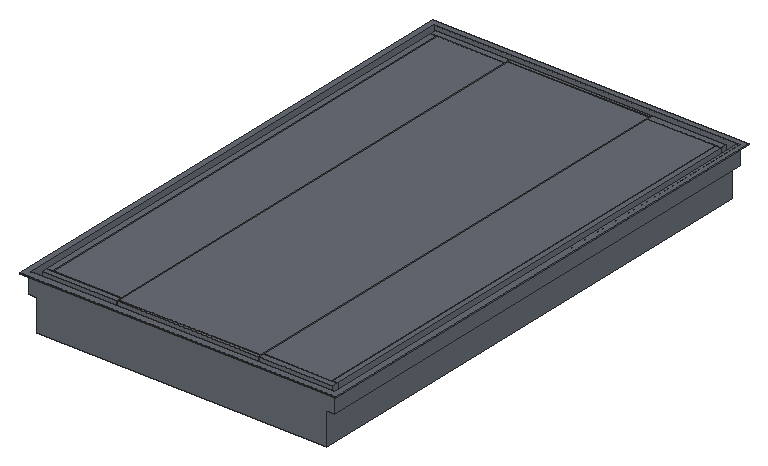
Revit family
Parameters (values of type "PL07 12 6/6")
  Width Right Side = 168 mm
  Width Left Side = 168 mm
  Width Inner Right Side = Actual Width Right - 11 mm  # 157 mm
  Width Inner Main = Actual Width + 37 mm * 2  # 349 mm
  Width Inner Left Side = Actual Width Left - 11 mm  # 157 mm
  Width = 275 mm
  URL = "http://www.meinertz.com/pictures_org/prodk.pdf"
  Thermal Performance Index = 12
  Thermal Performance Constant = if(Thermal Performance Index = 3, 145, if(Thermal Performance Index = 4, 191, if(Thermal Performance Index = 5, 231, if(Thermal Performance Index = 6, 262, if(Thermal Performance Index = 7, 287, if(Thermal Performance Index = 8, 317, if(Thermal Performance Index = 9, 339, if(Thermal Performance Index = 10, 359, if(Thermal Performance Index = 11, 382, if(Thermal Performance Index = 12, 404, if(Thermal Performance Index = 13, 424, 444)))))))))))  # 404
  Thermal Performance = Thermal Performance Constant * Length / 1000 mm  # 404
  Side Support Distance = (Actual Length - (2 * Frame Offset) - 200 mm) / (Count Side Support - 1)  # 376 mm
  Side Grill Length = Actual Length - (2 * Frame Offset) - 22 mm  # 930 mm
  Right Tap Visible = Count Grill Main > 3  # yes
  Model = "PL07 12 6/6"
  Manufacturer = "Meinertz"  # constant formula
  Length = 1000 mm
  Keynote = "PL07 12 6/6"
  Grill = RAL 7024 G
  GoGetNo = 6943  # constant formula
  Frame Offset = 24 mm  # constant formula
  Frame = RAL 7024
  Count Side Support = (Actual Length - (2 * Frame Offset) - 200 mm) / 600 mm + 1.49  # 3
  Count Grill Right Side = ((Width Right Side - Frame Offset) / 24 mm)  # 6
  Count Grill Main = ((Width - 11 mm) / 24 mm) + 1  # 12
  Count Grill Left Side = ((Width Left Side - Frame Offset) / 24 mm)  # 6
  Count Convec Support = (Actual Length - (2 * Frame Offset) - 300 mm) / 2500 mm + 1.49  # 2
  Convection Grill Length = Actual Length - (2 * Frame Offset) - 11 mm  # 941 mm
  Convec Support Distance = (Actual Length - (2 * Frame Offset) - 300 mm) / (Count Convec Support - 1)  # 652 mm
  Actual Width Right = Count Grill Right Side * 24 mm + Frame Offset  # 168 mm
  Actual Width Left = Count Grill Left Side * 24 mm + Frame Offset  # 168 mm
  Actual Width = (Count Grill Main - 1) * 24 mm + 11 mm  # 275 mm
  Actual Length = if(Length < 4 * Frame Offset, 4 * Frame Offset, if(Length > 6000 mm, 6000 mm, Length))  # 1000 mm
Types (8, lengths in mm): name | Width Right Side | Width Left Side | Width Inner Right Side | Width Inner Main | Width Inner Left Side | Width | Thermal Performance Index | Thermal Performance Constant | Thermal Performance | Model | Keynote | Count Grill Right Side | Count Grill Main | Count Grill Left Side | Actual Width Right | Actual Width Left | Actual Width
  (no name) | 168 | 168 | 157 | 349 | 157 | 275 | 12 | 404 | 404 | "PL07 12 6/6" | "PL07 12 6/6" | 6 | 12 | 6 | 168 | 168 | 275
  PL07 08 5/3 | 144 | 96 | 133 | 253 | 85 | 179 | 8 | 317 | 317 | "PL07 08 5/3" | "PL07 08 5/3" | 5 | 8 | 3 | 144 | 96 | 179
  PL07 09 5/4 | 144 | 120 | 133 | 277 | 109 | 203 | 9 | 339 | 339 | "PL07 09 5/4" | "PL07 09 5/4" | 5 | 9 | 4 | 144 | 120 | 203
  PL07 10 5/5 | 144 | 144 | 133 | 301 | 133 | 227 | 10 | 359 | 359 | "PL07 10 5/5" | "PL07 10 5/5" | 5 | 10 | 5 | 144 | 144 | 227
  PL07 11 6/5 | 168 | 144 | 157 | 325 | 133 | 251 | 11 | 382 | 382 | "PL07 11 6/5" | "PL07 11 6/5" | 6 | 11 | 5 | 168 | 144 | 251
  PL07 12 6/6 | 168 | 168 | 157 | 349 | 157 | 275 | 12 | 404 | 404 | "PL07 12 6/6" | "PL07 12 6/6" | 6 | 12 | 6 | 168 | 168 | 275
  PL07 13 7/6 | 192 | 168 | 181 | 373 | 157 | 299 | 13 | 424 | 424 | "PL07 13 7/6" | "PL07 13 7/6" | 7 | 13 | 6 | 192 | 168 | 299
  PL07 14 7/7 | 192 | 192 | 181 | 397 | 181 | 323 | 14 | 444 | 444 | "PL07 14 7/7" | "PL07 14 7/7" | 7 | 14 | 7 | 192 | 192 | 323
Reference planes
  plane 1 "Center (Front/Back)": y = 0
  plane 2: z = 0
  plane 3 "Center (Left/Right)": x = 0
  plane 4: y = 500
  plane 5: y = -500
  plane 6: x = -305.5
  plane 7: x = 305.5
  plane 8: x = -137.5
  plane 9: x = 137.5
  plane 10: x = -281.5
  plane 11: x = 281.5
  plane 12: y = 476
  plane 13: y = -476
  plane 14: x = -270.5
  plane 15: x = 270.5
  plane 16: y = 470.5
  plane 17: y = 465
  plane 18: y = -470.5
  plane 19: y = -465
  plane 20: z = -20
  plane 21: z = -36
  plane 22: z = -55
  plane 23: z = -70
  plane 24: z = -72
  plane 25: y = 226
  plane 26: y = 126
  plane 27: y = -226
  plane 28: y = -126
  plane 29: x = -185.5
  plane 30: x = 185.5
  plane 31: y = 376
  plane 32: y = 326
  plane 33: y = -376
  plane 34: y = -326
  plane 35: z = -100
Forms (mm)
  Extrusion 1, solid, material "RAL 7024 G" <- "Grill"
    sketch origin (0, 0, 0) x (1, 0, 0) y (0, 1, 0)
      loop
        line (-270.5, 465) -> (-270.5, -465) -> (-137.5, -465) -> (-137.5, 465) -> (-270.5, 465)
      loop
        line (137.5, 465) -> (137.5, -465) -> (270.5, -465) -> (270.5, 465) -> (137.5, 465)
    from 0 to -20
  Extrusion 2, solid, material "RAL 7024 G" <- "Grill"
    sketch origin (0, 0, 0) x (1, 0, 0) y (0, 1, 0)
      loop
        line (-137.5, 470.5) -> (-137.5, -470.5) -> (137.5, -470.5) -> (137.5, 470.5) -> (-137.5, 470.5)
    from 0 to -70
  Extrusion 3, solid, material "RAL 7024" <- "Frame"
    sketch origin (0, 0, 0) x (1, 0, 0) y (0, 1, 0)
      loop
        line (-281.5, 476) -> (-281.5, 465) -> (-137.5, 465) -> (-137.5, 476) -> (-281.5, 476)
      loop
        line (281.5, 476) -> (137.5, 476) -> (137.5, 465) -> (281.5, 465) -> (281.5, 476)
      loop
        line (-281.5, -476) -> (-137.5, -476) -> (-137.5, -465) -> (-281.5, -465) -> (-281.5, -476)
      loop
        line (281.5, -476) -> (281.5, -465) -> (137.5, -465) -> (137.5, -476) -> (281.5, -476)
    from 0 to -20
  Extrusion 4, solid, material "RAL 7024" <- "Frame"
    sketch origin (0, 0, 0) x (1, 0, 0) y (0, 1, 0)
      loop
        line (-281.5, 465) -> (-281.5, -465) -> (-270.5, -465) -> (-270.5, 465) -> (-281.5, 465)
      loop
        line (270.5, 465) -> (270.5, -465) -> (281.5, -465) -> (281.5, 465) -> (270.5, 465)
    from 0 to -20
  Extrusion 5, solid, material "RAL 7024" <- "Frame"
    sketch origin (-137.5, -476, 0) x (0, 1, 0) y (0, 0, 1)
      loop
        line (952, 0) -> (946.5, 0) -> (946.5, -20) -> (941, -20) -> (941, -70) -> (952, -70) -> (952, 0)
      loop
        line (0, 0) -> (0, -70) -> (11, -70) -> (11, -20) -> (5.5, -20) -> (5.5, 0) -> (0, 0)
    from 0 to 275
  Extrusion 6, solid
    sketch origin (0, 0, 0) x (0, 1, 0) y (0, 0, 1)
      loop
        circle (226, -55) r 4.8
      loop
        circle (126, -55) r 4.8
      loop
        circle (-126, -55) r 4.8
      loop
        circle (-226, -55) r 4.8
    from 137.5 to 142.5
  Extrusion 7, solid
    sketch origin (-137.5, -470.5, 0) x (0, 1, 0) y (0, 0, -1)
      loop
        circle (696.5, 55) r 4.8
      loop
        circle (596.5, 55) r 4.8
      loop
        circle (344.5, 55) r 4.8
      loop
        circle (244.5, 55) r 4.8
    from 0 to 5
  Extrusion 8, solid
    sketch origin (-137.5, -476, -70) x (0, 0, 1) y (-1, 0, 0)
      loop
        circle (15, -30) r 4.8
    from 0 to 5
  Extrusion 9, solid, visible <- "Right Tap Visible"
    sketch origin (-137.5, -476, -70) x (0, 0, 1) y (-1, 0, 0)
      loop
        circle (15, -245) r 4.8
    from 0 to 5
  Extrusion 10, solid
    sketch origin (-137.5, 476, -70) x (0, 0, 1) y (1, 0, 0)
      loop
        circle (15, 245) r 4.8
    from 0 to 5
  Extrusion 11, solid, visible <- "Right Tap Visible"
    sketch origin (-137.5, 476, -70) x (0, 0, 1) y (1, 0, 0)
      loop
        circle (15, 30) r 4.8
    from 0 to 5
  Extrusion 12, solid, material "RAL 7024" <- "Frame"
    sketch origin (0, 0, 0) x (1, 0, 0) y (0, 0, 1)
      loop
        line (-305.5, 0) -> (-305.5, -2) -> (-296.5, -2) -> (-296.5, -38) -> (-280.5, -38) -> (-280.5, -100) -> (-278.5, -100) -> (-278.5, -36) -> (-294.5, -36) -> (-294.5, 0) -> (-305.5, 0)
      loop
        line (305.5, 0) -> (294.5, 0) -> (294.5, -36) -> (278.5, -36) -> (278.5, -100) -> (280.5, -100) -> (280.5, -38) -> (296.5, -38) -> (296.5, -2) -> (305.5, -2) -> (305.5, 0)
    from -489 to 489
  Extrusion 13, solid, material "RAL 7024" <- "Frame"
    sketch origin (0, 0, 0) x (0, 1, 0) y (0, 0, 1)
      loop
        line (500, 0) -> (489, 0) -> (489, -100) -> (491, -100) -> (491, -2) -> (500, -2) -> (500, 0)
      loop
        line (-500, 0) -> (-500, -2) -> (-491, -2) -> (-491, -100) -> (-489, -100) -> (-489, 0) -> (-500, 0)
    from -305.5 to 305.5
  Extrusion 14, void
    sketch origin (0, 491, -100) x (0, 0, -1) y (1, 0, 0)
      loop
        line (-98, -305.5) -> (0, -305.5) -> (0, -280.5) -> (-62, -280.5) -> (-62, -296.5) -> (-98, -296.5) -> (-98, -305.5)
      loop
        line (-98, 305.5) -> (-98, 296.5) -> (-62, 296.5) -> (-62, 280.5) -> (0, 280.5) -> (0, 305.5) -> (-98, 305.5)
    from 0 to 982
  Extrusion 15, solid, material "RAL 7024" <- "Frame"
    sketch origin (0, 489, -100) x (1, 0, 0) y (0, -1, 0)
      loop
        line (-280.5, 980) -> (-280.5, -2) -> (280.5, -2) -> (280.5, 980) -> (-280.5, 980)
    from 0 to -2
Cuts and joins
  Extrusion 14 cuts Extrusion 1
  Extrusion 14 cuts Extrusion 2
  Extrusion 14 cuts Extrusion 3
  Extrusion 14 cuts Extrusion 4
  Extrusion 14 cuts Extrusion 5
  Extrusion 14 cuts Extrusion 10
  Extrusion 14 cuts Extrusion 11
  Extrusion 14 cuts Extrusion 12
  Extrusion 14 cuts Extrusion 13
  joined: Extrusion 12, Extrusion 13, Extrusion 15
Lines and regions (mm)
  Masking region 1
    outline origin (0, 0, 0) x (1, 0, 0) y (0, 1, 0)
      loop
        line (-137.5, 470.5) -> (-137.5, -470.5) -> (137.5, -470.5) -> (137.5, 470.5) -> (-137.5, 470.5)
  Masking region 2
    outline origin (0, 0, 0) x (1, 0, 0) y (0, 1, 0)
      loop
        line (-270.5, 465) -> (-270.5, -465) -> (-137.5, -465) -> (-137.5, 465) -> (-270.5, 465)
      loop
        line (137.5, 465) -> (137.5, -465) -> (270.5, -465) -> (270.5, 465) -> (137.5, 465)
Dimensions and locks
  "Actual Width Left": plane 6 to plane 8
  "Actual Width": plane 8 to plane 9
  "Actual Width Right": plane 9 to plane 7
  equal spacing: plane 5, plane 1 "Center (Front/Back)", plane 4
  "Actual Length": plane 5 to plane 4
  equal spacing: plane 8, plane 3 "Center (Left/Right)", plane 9
  "Frame Offset": plane 6 to plane 10
  "Frame Offset": plane 11 to plane 7
  "Frame Offset": plane 12 to plane 4
  "Frame Offset": plane 13 to plane 5
  plane 17 to plane 16 to plane 12 = 5.5 mm locked, 5.5 mm locked
  plane 19 to plane 18 to plane 13 = 5.5 mm locked, 5.5 mm locked
  locked: plane 10 to plane 14 at 11
  locked: plane 15 to plane 11 at 11
  plane 12 to plane 25 to plane 26 = 250 mm locked, 100 mm locked
  plane 28 to plane 27 to plane 13 = 100 mm locked, 250 mm locked
  locked: plane 9 to Extrusion 6 at 5
  locked: plane 29 to plane 8 at 48
  locked: plane 9 to plane 30 at 48
  plane 32 to plane 31 to plane 12 = 50 mm locked, 100 mm locked
  plane 34 to plane 33 to plane 13 = 50 mm locked, 100 mm locked
  equal spacing: group 1, group 2, group 7  (x3)
  equal spacing: group 3, group 4, group 8  (x3)
  group 5 to group 6 = 0 mm  (x2)
  group 5 to group 6 = 652 mm
  "Side Support Distance": nested 3 to nested 1
  "Side Support Distance": nested 4 to nested 2
  "Convec Support Distance": nested 5 to nested 6
  Extrusion 12 sketch curve to Extrusion 12 sketch curve to Extrusion 12 sketch curve to Extrusion 12 sketch curve to plane 6 = 2 mm locked, 14 mm locked, 2 mm locked, 9 mm locked
  Extrusion 12 sketch curve to Extrusion 12 sketch curve to Extrusion 12 sketch curve to Extrusion 12 sketch curve to plane 7 = 2 mm locked, 14 mm locked, 2 mm locked, 9 mm locked
  plane 4 to Extrusion 13 sketch curve to Extrusion 13 sketch curve = 9 mm locked, 2 mm locked
  Extrusion 13 sketch curve to Extrusion 13 sketch curve to plane 5 = 2 mm locked, 9 mm locked
  aligned and locked: level to plane 2
  aligned and locked: plane 17 to Extrusion 1 sketch curve  (x2)
  aligned and locked: plane 14 to Extrusion 1 sketch curve
  aligned and locked: plane 19 to Extrusion 1 sketch curve  (x2)
  aligned and locked: Extrusion 1 sketch curve to plane 8
  aligned and locked: Extrusion 1 sketch curve to plane 9
  aligned and locked: plane 15 to Extrusion 1 sketch curve
  aligned and locked: Extrusion 1 to plane 20
  aligned and locked: plane 16 to Extrusion 2 sketch curve
  aligned and locked: plane 8 to Extrusion 2 sketch curve
  aligned and locked: plane 18 to Extrusion 2 sketch curve
  aligned and locked: plane 9 to Extrusion 2 sketch curve
  aligned and locked: plane 12 to Extrusion 3 sketch curve
  aligned and locked: plane 10 to Extrusion 3 sketch curve
  aligned and locked: Extrusion 3 sketch curve to Extrusion 1  (x5)
  aligned and locked: Extrusion 3 sketch curve to plane 12
  aligned and locked: Extrusion 3 sketch curve to plane 11
  aligned and locked: plane 9 to Extrusion 3 sketch curve
  aligned and locked: Extrusion 3 sketch curve to plane 13
  aligned and locked: Extrusion 3 sketch curve to plane 10
  aligned and locked: plane 8 to Extrusion 3 sketch curve
  aligned and locked: plane 13 to Extrusion 3 sketch curve
  aligned and locked: Extrusion 3 sketch curve to plane 9
  aligned and locked: Extrusion 3 to plane 20
  aligned and locked: plane 11 to Extrusion 3 sketch curve
  aligned and locked: Extrusion 4 sketch curve to Extrusion 3
  aligned and locked: plane 19 to Extrusion 4 sketch curve  (x2)
  aligned and locked: Extrusion 4 sketch curve to plane 14
  aligned and locked: plane 17 to Extrusion 4 sketch curve  (x2)
  aligned and locked: plane 11 to Extrusion 4 sketch curve
  aligned and locked: Extrusion 4 sketch curve to plane 15
  aligned and locked: Extrusion 4 to plane 20
  aligned and locked: Extrusion 5 sketch curve to plane 12
  aligned and locked: Extrusion 5 sketch curve to plane 23  (x2)
  aligned and locked: plane 17 to Extrusion 5 sketch curve
  aligned and locked: Extrusion 5 sketch curve to plane 16
  aligned and locked: plane 20 to Extrusion 5 sketch curve
  aligned and locked: Extrusion 5 sketch curve to plane 2
  aligned and locked: Extrusion 5 sketch curve to plane 13
  aligned and locked: plane 2 to Extrusion 5 sketch curve
  aligned and locked: Extrusion 5 sketch curve to plane 18
  aligned and locked: Extrusion 5 sketch curve to plane 20
  aligned and locked: plane 19 to Extrusion 5 sketch curve
  aligned and locked: Extrusion 5 to plane 9
  aligned and locked: Extrusion 2 to plane 23
  aligned and locked: plane 9 to Extrusion 6
  aligned and locked: Extrusion 7 sketch curve to Extrusion 6  (x8)
  aligned and locked: nested 2 to plane 9
  aligned and locked: nested 1 to plane 33
  aligned and locked: nested 1 to plane 8
  aligned and locked: plane 20 to nested 1
  aligned and locked: nested 2 to plane 20
  aligned and locked: nested 2 to plane 33
  aligned and locked: nested 3 to plane 8
  aligned and locked: plane 20 to nested 3
  aligned and locked: nested 4 to plane 9
  aligned and locked: nested 4 to plane 20
  aligned and locked: nested 5 to plane 3 "Center (Left/Right)"
  aligned and locked: plane 34 to nested 5
  aligned and locked: nested 6 to plane 3 "Center (Left/Right)"
  aligned and locked: plane 23 to nested 5
  aligned and locked: plane 23 to nested 6
  aligned and locked: nested 9 to plane 9
  aligned and locked: nested 9 to plane 8
  aligned and locked: plane 18 to nested 9
  aligned and locked: nested 9 to plane 16
  aligned and locked: plane 19 to nested 10
  aligned and locked: nested 10 to plane 17
  aligned and locked: plane 8 to nested 10
  aligned and locked: nested 10 to plane 14
  aligned and locked: nested 11 to plane 17
  aligned and locked: plane 19 to nested 11
  aligned and locked: plane 9 to nested 11
  aligned and locked: nested 11 to plane 15
  aligned and locked: Masking region 1 sketch curve to Extrusion 2  (x4)
  aligned and locked: Masking region 2 sketch curve to Extrusion 1  (x6)
  aligned and locked: Masking region 2 sketch curve to Extrusion 3
  aligned and locked: Extrusion 5 to Masking region 2 sketch curve
  aligned and locked: plane 35 to Extrusion 12 sketch curve
  aligned and locked: Extrusion 12 sketch curve to plane 2
  aligned and locked: plane 6 to Extrusion 12 sketch curve
  aligned and locked: Extrusion 12 sketch curve to plane 21
  aligned and locked: Extrusion 12 sketch curve to plane 7
  aligned and locked: Extrusion 12 sketch curve to plane 35
  aligned and locked: plane 21 to Extrusion 12 sketch curve
  aligned: Extrusion 12 to plane 4
  aligned: Extrusion 12 to plane 5
  aligned and locked: plane 4 to Extrusion 13 sketch curve
  aligned and locked: Extrusion 13 sketch curve to plane 2
  aligned and locked: Extrusion 12 to Extrusion 13 sketch curve  (x2)
  aligned and locked: plane 2 to Extrusion 13 sketch curve
  aligned and locked: Extrusion 13 sketch curve to plane 5
  aligned and locked: Extrusion 13 sketch curve to plane 35
  aligned: Extrusion 13 to Extrusion 12  (x2)
  aligned and locked: Extrusion 12 to Extrusion 13  (x2)
  aligned and locked: Extrusion 13 to Extrusion 12  (x2)
  aligned and locked: Extrusion 14 sketch curve to plane 6
  aligned and locked: Extrusion 14 sketch curve to Extrusion 13
  aligned and locked: Extrusion 14 sketch curve to Extrusion 12  (x6)
  aligned and locked: Extrusion 14 sketch curve to plane 35  (x2)
  aligned and locked: plane 7 to Extrusion 14 sketch curve
  aligned and locked: Extrusion 13 to Extrusion 14 sketch curve
  aligned and locked: Extrusion 14 to cut or joined group of Extrusion 12, Extrusion 13, Extrusion 14, Extrusion 15
  aligned and locked: Extrusion 15 sketch curve to cut or joined group of Extrusion 12, Extrusion 13, Extrusion 14, Extrusion 15  (x2)
  aligned and locked: cut or joined group of Extrusion 12, Extrusion 13, Extrusion 14, Extrusion 15 to Extrusion 15 sketch curve  (x2)
Automatic sketch dimensions
  Extrusion 6 sketch curve to plane 22 = 0 mm  (x4)
  Extrusion 6 sketch curve to plane 27 = 0 mm
  Extrusion 6 sketch curve to plane 28 = 0 mm
  Extrusion 6 sketch curve to plane 26 = 0 mm
  Extrusion 6 sketch curve to plane 25 = 0 mm
  Extrusion 12 sketch curve to level = 0 mm
  Extrusion 12 sketch curve to plane 21 = 2 mm  (x2)
  Extrusion 12 sketch curve to level = 2 mm  (x2)
  Extrusion 8 sketch curve to Extrusion 5 = 15 mm
  Extrusion 5 to Extrusion 8 sketch curve = 30 mm
  Extrusion 9 sketch curve to Extrusion 5 = 15 mm
  Extrusion 5 to Extrusion 9 sketch curve = 30 mm
  Extrusion 5 to Extrusion 10 sketch curve = 15 mm
  Extrusion 5 to Extrusion 10 sketch curve = 30 mm
  Extrusion 5 to Extrusion 11 sketch curve = 15 mm
  Extrusion 5 to Extrusion 11 sketch curve = 30 mm
  Extrusion 13 sketch curve to plane 35 = 0 mm
  radius of Extrusion 6 sketch curve = 4.8 mm  (x4)
  radius of Extrusion 8 sketch curve = 4.8 mm
  radius of Extrusion 9 sketch curve = 4.8 mm
  radius of Extrusion 10 sketch curve = 4.8 mm
  radius of Extrusion 11 sketch curve = 4.8 mm
Nested families
  nested 1: "Support" at (-229.921, -369.531, -36) x (0, 1, 0) z (0, 0, 1), type "Side Left Support"
  nested 2: "Support" at (202.079, -382.469, -36) x (0, -1, 0) z (0, 0, 1), type "Side Right Support"
    with Length 157 mm
  nested 3: "Support" at (-229.921, 6.469, -36) x (0, 1, 0) z (0, 0, 1), type "Side Left Support"
  nested 4: "Support" at (202.079, -6.469, -36) x (0, -1, 0) z (0, 0, 1), type "Side Right Support"
    with Length 157 mm
  nested 5: "Support" at (13.921, -332.469, -72) x (0, -1, 0) z (0, 0, 1), type "Convec Support"
    with Length 349 mm
  nested 6: "Support" at (13.921, 319.531, -72) x (0, -1, 0) z (0, 0, 1), type "Convec Support"
    with Length 349 mm
  nested 7: "Support" at (-229.921, 382.469, -36) x (0, 1, 0) z (0, 0, 1), type "Side Left Support"
  nested 8: "Support" at (202.079, 369.531, -36) x (0, -1, 0) z (0, 0, 1), type "Side Right Support"
    with Length 157 mm
  nested 9: "Grill" at (137.5, -470.5, 0) x (0, 1, 0) z (0, 0, 1), type "Grill"
    with Width 275 mm, Start 11 mm, Second 13 mm, Length 941 mm, Big no
  nested 10: "Grill" at (-137.5, -465, 0) x (0, 1, 0) z (0, 0, 1), type "Grill"
    with Width 133 mm, Start 11 mm, Second 13 mm, Length 930 mm, Big no
  nested 11: "Grill" at (270.5, -465, 0) x (0, 1, 0) z (0, 0, 1), type "Grill"
    with Width 133 mm, Start 11 mm, Second 13 mm, Length 930 mm, Big no
Connectors
  piping at (107.5, 481, -55)
    settings: on Extrusion 10, index 1, connector radius 4.8 mm, flow factor 0, pipe flow 0.0 L/s, pressure drop 0.0 Pa, fitting loss kfactor 0, connector angle 0.00°, fixture units 0, flow configuration 1, flow direction 1, fitting loss method 0, system type 22, connector reference index -1, connector utility 0, adjustable connector no, is connector primary yes, fitting loss table "", connector description ""
  piping at (-107.5, 481, -55)
    settings: on Extrusion 11, index 2, connector radius 4.8 mm, flow factor 0, pipe flow 0.0 L/s, pressure drop 0.0 Pa, fitting loss kfactor 0, connector angle 0.00°, fixture units 0, flow configuration 1, flow direction 2, fitting loss method 0, system type 22, connector reference index -1, connector utility 0, adjustable connector no, is connector primary no, fitting loss table "", connector description ""
  piping at (107.5, -481, -55)
    settings: on Extrusion 9, index 3, connector radius 4.8 mm, flow factor 0, pipe flow 0.0 L/s, pressure drop 0.0 Pa, fitting loss kfactor 0, connector angle 0.00°, fixture units 0, flow configuration 1, flow direction 2, fitting loss method 0, system type 22, connector reference index -1, connector utility 0, adjustable connector no, is connector primary no, fitting loss table "", connector description ""
  piping at (-107.5, -481, -55)
    settings: on Extrusion 8, index 4, connector radius 4.8 mm, flow factor 0, pipe flow 0.0 L/s, pressure drop 0.0 Pa, fitting loss kfactor 0, connector angle 0.00°, fixture units 0, flow configuration 1, flow direction 1, fitting loss method 0, system type 22, connector reference index -1, connector utility 0, adjustable connector no, is connector primary no, fitting loss table "", connector description ""
  piping at (142.5, -226, -55)
    settings: on Extrusion 6, index 5, connector radius 4.8 mm, flow factor 0, pipe flow 0.0 L/s, pressure drop 0.0 Pa, fitting loss kfactor 0, connector angle 0.00°, fixture units 0, flow configuration 1, flow direction 1, fitting loss method 0, system type 22, connector reference index -1, connector utility 0, adjustable connector no, is connector primary no, fitting loss table "", connector description ""
  piping at (142.5, -126, -55)
    settings: on Extrusion 6, index 6, connector radius 4.8 mm, flow factor 0, pipe flow 0.0 L/s, pressure drop 0.0 Pa, fitting loss kfactor 0, connector angle 0.00°, fixture units 0, flow configuration 1, flow direction 2, fitting loss method 0, system type 22, connector reference index -1, connector utility 0, adjustable connector no, is connector primary no, fitting loss table "", connector description ""
  piping at (142.5, 126, -55)
    settings: on Extrusion 6, index 7, connector radius 4.8 mm, flow factor 0, pipe flow 0.0 L/s, pressure drop 0.0 Pa, fitting loss kfactor 0, connector angle 0.00°, fixture units 0, flow configuration 1, flow direction 1, fitting loss method 0, system type 22, connector reference index -1, connector utility 0, adjustable connector no, is connector primary no, fitting loss table "", connector description ""
  piping at (142.5, 226, -55)
    settings: on Extrusion 6, index 8, connector radius 4.8 mm, flow factor 0, pipe flow 0.0 L/s, pressure drop 0.0 Pa, fitting loss kfactor 0, connector angle 0.00°, fixture units 0, flow configuration 1, flow direction 2, fitting loss method 0, system type 22, connector reference index -1, connector utility 0, adjustable connector no, is connector primary no, fitting loss table "", connector description ""
  piping at (-142.5, 226, -55)
    settings: on Extrusion 7, index 9, connector radius 4.8 mm, flow factor 0, pipe flow 0.0 L/s, pressure drop 0.0 Pa, fitting loss kfactor 0, connector angle 0.00°, fixture units 0, flow configuration 1, flow direction 1, fitting loss method 0, system type 22, connector reference index -1, connector utility 0, adjustable connector no, is connector primary no, fitting loss table "", connector description ""
  piping at (-142.5, 126, -55)
    settings: on Extrusion 7, index 10, connector radius 4.8 mm, flow factor 0, pipe flow 0.0 L/s, pressure drop 0.0 Pa, fitting loss kfactor 0, connector angle 0.00°, fixture units 0, flow configuration 1, flow direction 2, fitting loss method 0, system type 22, connector reference index -1, connector utility 0, adjustable connector no, is connector primary no, fitting loss table "", connector description ""
  piping at (-142.5, -126, -55)
    settings: on Extrusion 7, index 11, connector radius 4.8 mm, flow factor 0, pipe flow 0.0 L/s, pressure drop 0.0 Pa, fitting loss kfactor 0, connector angle 0.00°, fixture units 0, flow configuration 1, flow direction 1, fitting loss method 0, system type 22, connector reference index -1, connector utility 0, adjustable connector no, is connector primary no, fitting loss table "", connector description ""
  piping at (-142.5, -226, -55)
    settings: on Extrusion 7, index 12, connector radius 4.8 mm, flow factor 0, pipe flow 0.0 L/s, pressure drop 0.0 Pa, fitting loss kfactor 0, connector angle 0.00°, fixture units 0, flow configuration 1, flow direction 2, fitting loss method 0, system type 22, connector reference index -1, connector utility 0, adjustable connector no, is connector primary no, fitting loss table "", connector description ""
Definition of nested family "Support"
  Parameters (values of type "Side Right Support")
    offset top = 17.5 mm
    Width = 16 mm
    Side 2 = no
    Side 1 = no
    Length = 181 mm
    Height = 16 mm
    Frame = RAL 7024
    Footing rad = 6.5 mm
    Footing Height = 64 mm
    Assembly Code = ""
  Types (4, lengths in mm): name | Width | Side 2 | Side 1 | Length | Height | Footing Height
    Side Support | 16 | yes | no | 168 | 16 | 64
    Convec Support | 20 | yes | yes | 192 | 2 | 28
    Side Right Support | 16 | no | no | 181 | 16 | 64
    Side Left Support | 16 | no | no | 157 | 16 | 64
  Reference planes
    plane 1 "Center (Front/Back)": y = -13.921
    plane 2: z = 0
    plane 3 "Center (Left/Right)": x = -6.469
    plane 4: z = 16
    plane 5: x = 1.531
    plane 6: x = -14.469
    plane 7: y = 76.579
    plane 8: y = -104.421
    plane 9: y = 59.079
    plane 10: y = -86.921
    plane 11: z = -64
  Forms (mm)
    Extrusion 1, solid, material "RAL 7024" <- "Frame"
      sketch origin (0, -13.921, 0) x (1, 0, 0) y (0, 0, 1)
        loop
          line (-14.469, 16) -> (-14.469, 0) -> (1.531, 0) -> (1.531, 16) -> (-14.469, 16)
      from -90.5 to 90.5
    Extrusion 2, solid, material "RAL 7024" <- "Frame", visible <- "Side 1"
      sketch origin (0, 0, 0) x (1, 0, 0) y (0, 1, 0)
        loop
          circle (-6.469, 59.079) r 6.5
      from -64 to 0
    Extrusion 3, solid, material "RAL 7024" <- "Frame", visible <- "Side 2"
      sketch origin (0, 0, 0) x (1, 0, 0) y (0, 1, 0)
        loop
          circle (-6.469, -86.921) r 6.5
      from -64 to 0
  Dimensions and locks
    equal spacing: plane 6, plane 3 "Center (Left/Right)", plane 5
    equal spacing: plane 7, plane 1 "Center (Front/Back)", plane 8
    "Length": plane 7 to plane 8
    "Width": plane 6 to plane 5
    "Height": plane 4 to plane 2
    "offset top": plane 7 to plane 9
    "offset top": plane 10 to plane 8
    "Footing Height": plane 2 to plane 11
    "Footing rad": Extrusion 2 sketch curve to plane 3 "Center (Left/Right)"
    "Footing rad": plane 9 to Extrusion 2 sketch curve
    locked: plane 10 to Extrusion 3 sketch curve at 6.5
    locked: plane 3 "Center (Left/Right)" to Extrusion 3 sketch curve at 6.5
    "Footing rad": radius of Extrusion 2 sketch curve
    "Footing rad": radius of Extrusion 3 sketch curve
    aligned and locked: plane 6 to Extrusion 1 sketch curve
    aligned and locked: Extrusion 1 sketch curve to plane 4
    aligned and locked: level to Extrusion 1 sketch curve
    aligned and locked: Extrusion 1 sketch curve to plane 5
    aligned and locked: plane 7 to Extrusion 1
    aligned and locked: Extrusion 1 to plane 8
    aligned and locked: Extrusion 2 to plane 11
    aligned and locked: plane 2 to Extrusion 2
    aligned and locked: Extrusion 3 to plane 11
    aligned and locked: level to Extrusion 3
Definition of nested family "Grill"
  Parameters (values of type "Grill")
    Width [instance] = 208.6 mm
    Start [instance] = if(Big, 13 mm, 11 mm)  # 11 mm
    Second [instance] = if(Big, 11 mm, 13 mm)  # 13 mm
    Length [instance] = 900 mm
    Big [instance] = no
    Assembly Code = ""
  Reference planes
    plane 1 "Center (Front/Back)": y = 0
    plane 2: z = 0
    plane 3 "Center (Left/Right)": x = 0
    plane 4: y = 208.6
    plane 5: x = 900
  Lines and regions (mm)
    Filled region 1, type "Base", in view "Ref. Level"
      outline origin (0, 0, 0) x (1, 0, 0) y (0, 1, 0)
        loop
          line (0, 208.6) -> (0, 0) -> (900, 0) -> (900, 208.6) -> (0, 208.6)
    Filled region 2, type "Top", in view "Ref. Level"
      outline origin (45.053, 31.547, 0) x (1, 0, 0) y (0, 1, 0)
        loop
          line (-45.053, 177.053) -> (-45.053, -31.547) -> (854.947, -31.547) -> (854.947, 177.053) -> (-45.053, 177.053)
  Dimensions and locks
    "Width": plane 4 to plane 1 "Center (Front/Back)"
    "Length": plane 3 "Center (Left/Right)" to plane 5
    "Start": plane 3 "Center (Left/Right)" to Filled region 2
    "Second": Filled region 2 to Filled region 1
    aligned and locked: plane 4 to Filled region 2
    aligned and locked: plane 1 "Center (Front/Back)" to Filled region 2
    aligned and locked: plane 5 to Filled region 2
    aligned and locked: Filled region 1 to plane 3 "Center (Left/Right)"
    aligned and locked: plane 3 "Center (Left/Right)" to Filled region 2 sketch curve
  Automatic sketch dimensions
    Filled region 1 sketch curve to plane 1 "Center (Front/Back)" = 0 mm
    Filled region 1 sketch curve to plane 3 "Center (Left/Right)" = 0 mm
    Filled region 1 sketch curve to plane 5 = 0 mm
    Filled region 1 sketch curve to plane 4 = 0 mm
    Filled region 2 sketch curve to plane 1 "Center (Front/Back)" = 0 mm
    Filled region 2 sketch curve to plane 5 = 0 mm
    Filled region 2 sketch curve to plane 4 = 0 mm
